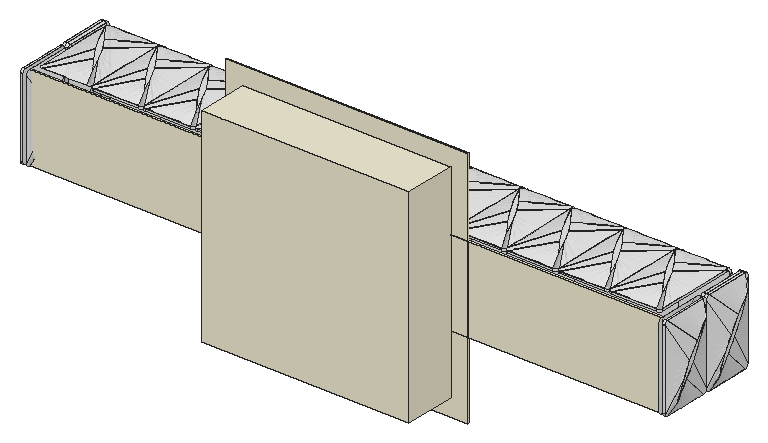
Revit family "3-572-15 Elan", category Luminarias, Revit 2021
Family settings
  Anfitrión = Muro
  Cota de conector redondo = Diámetro de uso
  Tipo de pieza = Normal
  Número OmniClass = 23.80.70.00
  Título OmniClass = Lighting
  Siempre vertical = Sí
  Corte con vacíos al cargar = No
  Origen de luz = Sí
  Compartido = No
  Punto de cálculo de habitación = No
Parameters (values of type "3-xx-24 / Satin Nickel - Matte White Acrylic")
  Elevación por defecto = 0.00"
  Comentarios de vataje = "1 x 7.24 W at 120 V"  # constant formula
  Wattage = 7.24 W
  built-in parameter 1150110 = 1 (stored number, unit not read)
  Voltage Input = "120 V or 277 V - 50/60 Hz"  # constant formula
  Voltage = 120 V
  URL = "www.oxygenlighting.com"
  built-in parameter 1114217 = 1 (stored number, unit not read)
  Tilt Angle = 0.00°  # constant formula
  built-in parameter 1150109 = 1 (stored number, unit not read)
  built-in parameter 1150134 = (empty or 0)
  built-in parameter 1150113 = 1 (stored number, unit not read)
  References = "Ref. 3 = 120 V / Ref. 37 = 277 V"  # constant formula
  Archivo de red fotométrica = "3-572-15 Elan.ies"
  Modelo = "3-xx-xx / Elan"  # constant formula
  Metal Finish = 24 - Satin Nickel
  Fabricante = "Oxygen Lighting and Fans"  # constant formula
  Lumens = 551.688 lm
  built-in parameter 1150115 = 1 (stored number, unit not read)
  built-in parameter 1150105 = 43.902 (stored number, unit not read)
  built-in parameter 1150137 = (empty or 0)
  built-in parameter 1150139 = (empty or 0)
  built-in parameter 1150112 = 1 (stored number, unit not read)
  built-in parameter 1150114 = 1 (stored number, unit not read)
  Lámpara = "LED Array"  # constant formula
  built-in parameter 1150132 = (empty or 0)
  built-in parameter 1150102 = (empty or 0)
  built-in parameter 1150138 = (empty or 0)
  built-in parameter 1150107 = 3000 (stored number, unit not read)
  built-in parameter 1150106 = 0.43902 (stored number, unit not read)
  built-in parameter 1150104 = 7.0792 (stored number, unit not read)
  Dimming Lamp Color Temperature Shift = (empty or 0)
  Diffusers = Matte White Acrylic
  Color Filter = 16777215
  built-in parameter 1114218 = 1 (stored number, unit not read)
  built-in parameter 1150133 = 10 (stored number, unit not read)
Reference planes (in)
  plane 1: y = 0
  plane 2 "Light Source Axis (L/R)": x = 4.92126
  plane 3 "Light Source Axis (F/R)": y = 4.79776
  plane 4 "Light Source Elevation": z = 39
  plane 5: y = 2.95276
  plane 6: z = 41.75
Text (in)
  text "Placement side" at (-70.3598, 43.96769, 0), in view "Ref. Level"
  text "Placement side" at (0, 83.08644, 117.56134), in view "Left"
  text "Placement side" at (0, 24.74324, 118.58137), in view "Right"
Dimensions and locks (in)
  locked: plane 3 "Light Source Axis (F/R)" to plane 5 at 1.845
  locked: plane 6 to plane 4 "Light Source Elevation" at 2.75
  aligned and locked: plane 1 to host wall
  aligned and locked: plane 5 to host wall
  aligned and locked: plane 5 to nested 1
  aligned and locked: plane 3 "Light Source Axis (F/R)" to imposter light
  aligned and locked: nested 1 to plane 4 "Light Source Elevation"
  aligned and locked: plane 6 to imposter light
Nested families (in)
  nested 1: "Family2" at (4.92126, 2.95276, 41.75591) x (-1, 0, 0) z (0, 0, 1), type "Family2"
Definition of nested family "Family2"
  Parameters (values of type "Family2")
    Metal Finish 2 = none
    Metal Finish 1 = none
    Height = 10.00"
    Default Elevation = 0.00"
    Diffuser = none
  Reference planes (in)
    plane 1 "Center (Front/Back)": y = 0
    plane 2: z = 0
    plane 3 "Center (Left/Right)": x = 0
  Forms (in)
    Extrusion 1, solid, material <- "Metal Finish 1"
      sketch origin (0, 0, 0) x (1, 0, 0) y (0, 0, 1)
        loop
          line (-2.75591, 2.75591) -> (-2.75591, -2.75591) -> (2.75591, -2.75591) -> (2.75591, 2.75591) -> (-2.75591, 2.75591)
      from 1.22 to 1.18
    Extrusion 2, solid, material <- "Metal Finish 1"
      sketch origin (0, 0, 0) x (1, 0, 0) y (0, 0, 1)
        loop
          line (-2.3622, 2.3622) -> (-2.3622, -2.3622) -> (2.3622, -2.3622) -> (2.3622, 2.3622) -> (-2.3622, 2.3622)
      from 0 to 1.18
    Blend 3, solid, material <- "Diffuser"
      base sketch origin (0, 0, 0) x (1, 0, 0) y (0, 0, 1)
        loop
          arc (-5.90551, 0.90551) -> (-5.92857, 0.96119) -> (-5.98425, 0.98425) r 0.07874
          line (-5.98425, 0.98425) -> (-7.00787, 0.98425)
          arc (-7.00787, 0.98425) -> (-7.06355, 0.96119) -> (-7.08661, 0.90551) r 0.07874
          line (-7.08661, 0.90551) -> (-7.08661, -0.90551)
          arc (-7.08661, -0.90551) -> (-7.06355, -0.96119) -> (-7.00787, -0.98425) r 0.07874
          line (-7.00787, -0.98425) -> (-5.98425, -0.98425)
          arc (-5.98425, -0.98425) -> (-5.92857, -0.96119) -> (-5.90551, -0.90551) r 0.07874
          line (-5.90551, -0.90551) -> (-5.90551, 0.90551)
      top sketch origin (0, 0, 0) x (1, 0, 0) y (0, 0, 1)
        loop
          line (-6.89899, 0.68245) -> (-6.71635, 0.29079) -> (-6.53621, -0.05852) -> (-6.35588, -0.33357) -> (-6.0667, -0.72725) -> (-6.27171, -0.28388) -> (-6.43166, 0.00863) -> (-6.64427, 0.33334) -> (-6.89899, 0.68245)
      from 3.31463 to 3.45242
    Extrusion 4, solid, material <- "Diffuser"
      sketch origin (0, 0, 0) x (1, 0, 0) y (0, 0, 1)
        loop
          arc (-5.90551, 0.90551) -> (-5.92857, 0.96119) -> (-5.98425, 0.98425) r 0.07874
          line (-5.98425, 0.98425) -> (-7.00787, 0.98425)
          arc (-7.00787, 0.98425) -> (-7.06355, 0.96119) -> (-7.08661, 0.90551) r 0.07874
          line (-7.08661, 0.90551) -> (-7.08661, -0.90551)
          arc (-7.08661, -0.90551) -> (-7.06355, -0.96119) -> (-7.00787, -0.98425) r 0.07874
          line (-7.00787, -0.98425) -> (-5.98425, -0.98425)
          arc (-5.98425, -0.98425) -> (-5.92857, -0.96119) -> (-5.90551, -0.90551) r 0.07874
          line (-5.90551, -0.90551) -> (-5.90551, 0.90551)
      from 3.25557 to 3.31463
    Blend 5, solid, material <- "Diffuser"
      base sketch origin (1.1811, 0, 0) x (1, 0, 0) y (0, 0, 1)
        loop
          arc (-5.90551, 0.90551) -> (-5.92857, 0.96119) -> (-5.98425, 0.98425) r 0.07874
          line (-5.98425, 0.98425) -> (-7.00787, 0.98425)
          arc (-7.00787, 0.98425) -> (-7.06355, 0.96119) -> (-7.08661, 0.90551) r 0.07874
          line (-7.08661, 0.90551) -> (-7.08661, -0.90551)
          arc (-7.08661, -0.90551) -> (-7.06355, -0.96119) -> (-7.00787, -0.98425) r 0.07874
          line (-7.00787, -0.98425) -> (-5.98425, -0.98425)
          arc (-5.98425, -0.98425) -> (-5.92857, -0.96119) -> (-5.90551, -0.90551) r 0.07874
          line (-5.90551, -0.90551) -> (-5.90551, 0.90551)
      top sketch origin (1.1811, 0, 0) x (1, 0, 0) y (0, 0, 1)
        loop
          line (-6.89899, 0.68245) -> (-6.71635, 0.29079) -> (-6.53621, -0.05852) -> (-6.35588, -0.33357) -> (-6.0667, -0.72725) -> (-6.27171, -0.28388) -> (-6.43166, 0.00863) -> (-6.64427, 0.33334) -> (-6.89899, 0.68245)
      from 3.31463 to 3.45242
    Extrusion 6, solid, material <- "Diffuser"
      sketch origin (1.1811, 0, 0) x (1, 0, 0) y (0, 0, 1)
        loop
          arc (-5.90551, 0.90551) -> (-5.92857, 0.96119) -> (-5.98425, 0.98425) r 0.07874
          line (-5.98425, 0.98425) -> (-7.00787, 0.98425)
          arc (-7.00787, 0.98425) -> (-7.06355, 0.96119) -> (-7.08661, 0.90551) r 0.07874
          line (-7.08661, 0.90551) -> (-7.08661, -0.90551)
          arc (-7.08661, -0.90551) -> (-7.06355, -0.96119) -> (-7.00787, -0.98425) r 0.07874
          line (-7.00787, -0.98425) -> (-5.98425, -0.98425)
          arc (-5.98425, -0.98425) -> (-5.92857, -0.96119) -> (-5.90551, -0.90551) r 0.07874
          line (-5.90551, -0.90551) -> (-5.90551, 0.90551)
      from 3.25557 to 3.31463
    Blend 7, solid, material <- "Diffuser"
      base sketch origin (2.3622, 0, 0) x (1, 0, 0) y (0, 0, 1)
        loop
          arc (-5.90551, 0.90551) -> (-5.92857, 0.96119) -> (-5.98425, 0.98425) r 0.07874
          line (-5.98425, 0.98425) -> (-7.00787, 0.98425)
          arc (-7.00787, 0.98425) -> (-7.06355, 0.96119) -> (-7.08661, 0.90551) r 0.07874
          line (-7.08661, 0.90551) -> (-7.08661, -0.90551)
          arc (-7.08661, -0.90551) -> (-7.06355, -0.96119) -> (-7.00787, -0.98425) r 0.07874
          line (-7.00787, -0.98425) -> (-5.98425, -0.98425)
          arc (-5.98425, -0.98425) -> (-5.92857, -0.96119) -> (-5.90551, -0.90551) r 0.07874
          line (-5.90551, -0.90551) -> (-5.90551, 0.90551)
      top sketch origin (2.3622, 0, 0) x (1, 0, 0) y (0, 0, 1)
        loop
          line (-6.89899, 0.68245) -> (-6.71635, 0.29079) -> (-6.53621, -0.05852) -> (-6.35588, -0.33357) -> (-6.0667, -0.72725) -> (-6.27171, -0.28388) -> (-6.43166, 0.00863) -> (-6.64427, 0.33334) -> (-6.89899, 0.68245)
      from 3.31463 to 3.45242
    Extrusion 8, solid, material <- "Diffuser"
      sketch origin (2.3622, 0, 0) x (1, 0, 0) y (0, 0, 1)
        loop
          arc (-5.90551, 0.90551) -> (-5.92857, 0.96119) -> (-5.98425, 0.98425) r 0.07874
          line (-5.98425, 0.98425) -> (-7.00787, 0.98425)
          arc (-7.00787, 0.98425) -> (-7.06355, 0.96119) -> (-7.08661, 0.90551) r 0.07874
          line (-7.08661, 0.90551) -> (-7.08661, -0.90551)
          arc (-7.08661, -0.90551) -> (-7.06355, -0.96119) -> (-7.00787, -0.98425) r 0.07874
          line (-7.00787, -0.98425) -> (-5.98425, -0.98425)
          arc (-5.98425, -0.98425) -> (-5.92857, -0.96119) -> (-5.90551, -0.90551) r 0.07874
          line (-5.90551, -0.90551) -> (-5.90551, 0.90551)
      from 3.25557 to 3.31463
    Blend 9, solid, material <- "Diffuser"
      base sketch origin (3.54331, 0, 0) x (1, 0, 0) y (0, 0, 1)
        loop
          arc (-5.90551, 0.90551) -> (-5.92857, 0.96119) -> (-5.98425, 0.98425) r 0.07874
          line (-5.98425, 0.98425) -> (-7.00787, 0.98425)
          arc (-7.00787, 0.98425) -> (-7.06355, 0.96119) -> (-7.08661, 0.90551) r 0.07874
          line (-7.08661, 0.90551) -> (-7.08661, -0.90551)
          arc (-7.08661, -0.90551) -> (-7.06355, -0.96119) -> (-7.00787, -0.98425) r 0.07874
          line (-7.00787, -0.98425) -> (-5.98425, -0.98425)
          arc (-5.98425, -0.98425) -> (-5.92857, -0.96119) -> (-5.90551, -0.90551) r 0.07874
          line (-5.90551, -0.90551) -> (-5.90551, 0.90551)
      top sketch origin (3.54331, 0, 0) x (1, 0, 0) y (0, 0, 1)
        loop
          line (-6.89899, 0.68245) -> (-6.71635, 0.29079) -> (-6.53621, -0.05852) -> (-6.35588, -0.33357) -> (-6.0667, -0.72725) -> (-6.27171, -0.28388) -> (-6.43166, 0.00863) -> (-6.64427, 0.33334) -> (-6.89899, 0.68245)
      from 3.31463 to 3.45242
    Extrusion 10, solid, material <- "Diffuser"
      sketch origin (3.54331, 0, 0) x (1, 0, 0) y (0, 0, 1)
        loop
          arc (-5.90551, 0.90551) -> (-5.92857, 0.96119) -> (-5.98425, 0.98425) r 0.07874
          line (-5.98425, 0.98425) -> (-7.00787, 0.98425)
          arc (-7.00787, 0.98425) -> (-7.06355, 0.96119) -> (-7.08661, 0.90551) r 0.07874
          line (-7.08661, 0.90551) -> (-7.08661, -0.90551)
          arc (-7.08661, -0.90551) -> (-7.06355, -0.96119) -> (-7.00787, -0.98425) r 0.07874
          line (-7.00787, -0.98425) -> (-5.98425, -0.98425)
          arc (-5.98425, -0.98425) -> (-5.92857, -0.96119) -> (-5.90551, -0.90551) r 0.07874
          line (-5.90551, -0.90551) -> (-5.90551, 0.90551)
      from 3.25557 to 3.31463
    Blend 11, solid, material <- "Diffuser"
      base sketch origin (4.72441, 0, 0) x (1, 0, 0) y (0, 0, 1)
        loop
          arc (-5.90551, 0.90551) -> (-5.92857, 0.96119) -> (-5.98425, 0.98425) r 0.07874
          line (-5.98425, 0.98425) -> (-7.00787, 0.98425)
          arc (-7.00787, 0.98425) -> (-7.06355, 0.96119) -> (-7.08661, 0.90551) r 0.07874
          line (-7.08661, 0.90551) -> (-7.08661, -0.90551)
          arc (-7.08661, -0.90551) -> (-7.06355, -0.96119) -> (-7.00787, -0.98425) r 0.07874
          line (-7.00787, -0.98425) -> (-5.98425, -0.98425)
          arc (-5.98425, -0.98425) -> (-5.92857, -0.96119) -> (-5.90551, -0.90551) r 0.07874
          line (-5.90551, -0.90551) -> (-5.90551, 0.90551)
      top sketch origin (4.72441, 0, 0) x (1, 0, 0) y (0, 0, 1)
        loop
          line (-6.89899, 0.68245) -> (-6.71635, 0.29079) -> (-6.53621, -0.05852) -> (-6.35588, -0.33357) -> (-6.0667, -0.72725) -> (-6.27171, -0.28388) -> (-6.43166, 0.00863) -> (-6.64427, 0.33334) -> (-6.89899, 0.68245)
      from 3.31463 to 3.45242
    Extrusion 12, solid, material <- "Diffuser"
      sketch origin (4.72441, 0, 0) x (1, 0, 0) y (0, 0, 1)
        loop
          arc (-5.90551, 0.90551) -> (-5.92857, 0.96119) -> (-5.98425, 0.98425) r 0.07874
          line (-5.98425, 0.98425) -> (-7.00787, 0.98425)
          arc (-7.00787, 0.98425) -> (-7.06355, 0.96119) -> (-7.08661, 0.90551) r 0.07874
          line (-7.08661, 0.90551) -> (-7.08661, -0.90551)
          arc (-7.08661, -0.90551) -> (-7.06355, -0.96119) -> (-7.00787, -0.98425) r 0.07874
          line (-7.00787, -0.98425) -> (-5.98425, -0.98425)
          arc (-5.98425, -0.98425) -> (-5.92857, -0.96119) -> (-5.90551, -0.90551) r 0.07874
          line (-5.90551, -0.90551) -> (-5.90551, 0.90551)
      from 3.25557 to 3.31463
    Blend 13, solid, material <- "Diffuser"
      base sketch origin (5.90551, 0, 0) x (1, 0, 0) y (0, 0, 1)
        loop
          arc (-5.90551, 0.90551) -> (-5.92857, 0.96119) -> (-5.98425, 0.98425) r 0.07874
          line (-5.98425, 0.98425) -> (-7.00787, 0.98425)
          arc (-7.00787, 0.98425) -> (-7.06355, 0.96119) -> (-7.08661, 0.90551) r 0.07874
          line (-7.08661, 0.90551) -> (-7.08661, -0.90551)
          arc (-7.08661, -0.90551) -> (-7.06355, -0.96119) -> (-7.00787, -0.98425) r 0.07874
          line (-7.00787, -0.98425) -> (-5.98425, -0.98425)
          arc (-5.98425, -0.98425) -> (-5.92857, -0.96119) -> (-5.90551, -0.90551) r 0.07874
          line (-5.90551, -0.90551) -> (-5.90551, 0.90551)
      top sketch origin (5.90551, 0, 0) x (1, 0, 0) y (0, 0, 1)
        loop
          line (-6.89899, 0.68245) -> (-6.71635, 0.29079) -> (-6.53621, -0.05852) -> (-6.35588, -0.33357) -> (-6.0667, -0.72725) -> (-6.27171, -0.28388) -> (-6.43166, 0.00863) -> (-6.64427, 0.33334) -> (-6.89899, 0.68245)
      from 3.31463 to 3.45242
    Extrusion 14, solid, material <- "Diffuser"
      sketch origin (5.90551, 0, 0) x (1, 0, 0) y (0, 0, 1)
        loop
          arc (-5.90551, 0.90551) -> (-5.92857, 0.96119) -> (-5.98425, 0.98425) r 0.07874
          line (-5.98425, 0.98425) -> (-7.00787, 0.98425)
          arc (-7.00787, 0.98425) -> (-7.06355, 0.96119) -> (-7.08661, 0.90551) r 0.07874
          line (-7.08661, 0.90551) -> (-7.08661, -0.90551)
          arc (-7.08661, -0.90551) -> (-7.06355, -0.96119) -> (-7.00787, -0.98425) r 0.07874
          line (-7.00787, -0.98425) -> (-5.98425, -0.98425)
          arc (-5.98425, -0.98425) -> (-5.92857, -0.96119) -> (-5.90551, -0.90551) r 0.07874
          line (-5.90551, -0.90551) -> (-5.90551, 0.90551)
      from 3.25557 to 3.31463
    Blend 15, solid, material <- "Diffuser"
      base sketch origin (7.08661, 0, 0) x (1, 0, 0) y (0, 0, 1)
        loop
          arc (-5.90551, 0.90551) -> (-5.92857, 0.96119) -> (-5.98425, 0.98425) r 0.07874
          line (-5.98425, 0.98425) -> (-7.00787, 0.98425)
          arc (-7.00787, 0.98425) -> (-7.06355, 0.96119) -> (-7.08661, 0.90551) r 0.07874
          line (-7.08661, 0.90551) -> (-7.08661, -0.90551)
          arc (-7.08661, -0.90551) -> (-7.06355, -0.96119) -> (-7.00787, -0.98425) r 0.07874
          line (-7.00787, -0.98425) -> (-5.98425, -0.98425)
          arc (-5.98425, -0.98425) -> (-5.92857, -0.96119) -> (-5.90551, -0.90551) r 0.07874
          line (-5.90551, -0.90551) -> (-5.90551, 0.90551)
      top sketch origin (7.08661, 0, 0) x (1, 0, 0) y (0, 0, 1)
        loop
          line (-6.89899, 0.68245) -> (-6.71635, 0.29079) -> (-6.53621, -0.05852) -> (-6.35588, -0.33357) -> (-6.0667, -0.72725) -> (-6.27171, -0.28388) -> (-6.43166, 0.00863) -> (-6.64427, 0.33334) -> (-6.89899, 0.68245)
      from 3.31463 to 3.45242
    Extrusion 16, solid, material <- "Diffuser"
      sketch origin (7.08661, 0, 0) x (1, 0, 0) y (0, 0, 1)
        loop
          arc (-5.90551, 0.90551) -> (-5.92857, 0.96119) -> (-5.98425, 0.98425) r 0.07874
          line (-5.98425, 0.98425) -> (-7.00787, 0.98425)
          arc (-7.00787, 0.98425) -> (-7.06355, 0.96119) -> (-7.08661, 0.90551) r 0.07874
          line (-7.08661, 0.90551) -> (-7.08661, -0.90551)
          arc (-7.08661, -0.90551) -> (-7.06355, -0.96119) -> (-7.00787, -0.98425) r 0.07874
          line (-7.00787, -0.98425) -> (-5.98425, -0.98425)
          arc (-5.98425, -0.98425) -> (-5.92857, -0.96119) -> (-5.90551, -0.90551) r 0.07874
          line (-5.90551, -0.90551) -> (-5.90551, 0.90551)
      from 3.25557 to 3.31463
    Blend 17, solid, material <- "Diffuser"
      base sketch origin (8.26772, 0, 0) x (1, 0, 0) y (0, 0, 1)
        loop
          arc (-5.90551, 0.90551) -> (-5.92857, 0.96119) -> (-5.98425, 0.98425) r 0.07874
          line (-5.98425, 0.98425) -> (-7.00787, 0.98425)
          arc (-7.00787, 0.98425) -> (-7.06355, 0.96119) -> (-7.08661, 0.90551) r 0.07874
          line (-7.08661, 0.90551) -> (-7.08661, -0.90551)
          arc (-7.08661, -0.90551) -> (-7.06355, -0.96119) -> (-7.00787, -0.98425) r 0.07874
          line (-7.00787, -0.98425) -> (-5.98425, -0.98425)
          arc (-5.98425, -0.98425) -> (-5.92857, -0.96119) -> (-5.90551, -0.90551) r 0.07874
          line (-5.90551, -0.90551) -> (-5.90551, 0.90551)
      top sketch origin (8.26772, 0, 0) x (1, 0, 0) y (0, 0, 1)
        loop
          line (-6.89899, 0.68245) -> (-6.71635, 0.29079) -> (-6.53621, -0.05852) -> (-6.35588, -0.33357) -> (-6.0667, -0.72725) -> (-6.27171, -0.28388) -> (-6.43166, 0.00863) -> (-6.64427, 0.33334) -> (-6.89899, 0.68245)
      from 3.31463 to 3.45242
    Extrusion 18, solid, material <- "Diffuser"
      sketch origin (8.26772, 0, 0) x (1, 0, 0) y (0, 0, 1)
        loop
          arc (-5.90551, 0.90551) -> (-5.92857, 0.96119) -> (-5.98425, 0.98425) r 0.07874
          line (-5.98425, 0.98425) -> (-7.00787, 0.98425)
          arc (-7.00787, 0.98425) -> (-7.06355, 0.96119) -> (-7.08661, 0.90551) r 0.07874
          line (-7.08661, 0.90551) -> (-7.08661, -0.90551)
          arc (-7.08661, -0.90551) -> (-7.06355, -0.96119) -> (-7.00787, -0.98425) r 0.07874
          line (-7.00787, -0.98425) -> (-5.98425, -0.98425)
          arc (-5.98425, -0.98425) -> (-5.92857, -0.96119) -> (-5.90551, -0.90551) r 0.07874
          line (-5.90551, -0.90551) -> (-5.90551, 0.90551)
      from 3.25557 to 3.31463
    Blend 19, solid, material <- "Diffuser"
      base sketch origin (9.44882, 0, 0) x (1, 0, 0) y (0, 0, 1)
        loop
          arc (-5.90551, 0.90551) -> (-5.92857, 0.96119) -> (-5.98425, 0.98425) r 0.07874
          line (-5.98425, 0.98425) -> (-7.00787, 0.98425)
          arc (-7.00787, 0.98425) -> (-7.06355, 0.96119) -> (-7.08661, 0.90551) r 0.07874
          line (-7.08661, 0.90551) -> (-7.08661, -0.90551)
          arc (-7.08661, -0.90551) -> (-7.06355, -0.96119) -> (-7.00787, -0.98425) r 0.07874
          line (-7.00787, -0.98425) -> (-5.98425, -0.98425)
          arc (-5.98425, -0.98425) -> (-5.92857, -0.96119) -> (-5.90551, -0.90551) r 0.07874
          line (-5.90551, -0.90551) -> (-5.90551, 0.90551)
      top sketch origin (9.44882, 0, 0) x (1, 0, 0) y (0, 0, 1)
        loop
          line (-6.89899, 0.68245) -> (-6.71635, 0.29079) -> (-6.53621, -0.05852) -> (-6.35588, -0.33357) -> (-6.0667, -0.72725) -> (-6.27171, -0.28388) -> (-6.43166, 0.00863) -> (-6.64427, 0.33334) -> (-6.89899, 0.68245)
      from 3.31463 to 3.45242
    Extrusion 20, solid, material <- "Diffuser"
      sketch origin (9.44882, 0, 0) x (1, 0, 0) y (0, 0, 1)
        loop
          arc (-5.90551, 0.90551) -> (-5.92857, 0.96119) -> (-5.98425, 0.98425) r 0.07874
          line (-5.98425, 0.98425) -> (-7.00787, 0.98425)
          arc (-7.00787, 0.98425) -> (-7.06355, 0.96119) -> (-7.08661, 0.90551) r 0.07874
          line (-7.08661, 0.90551) -> (-7.08661, -0.90551)
          arc (-7.08661, -0.90551) -> (-7.06355, -0.96119) -> (-7.00787, -0.98425) r 0.07874
          line (-7.00787, -0.98425) -> (-5.98425, -0.98425)
          arc (-5.98425, -0.98425) -> (-5.92857, -0.96119) -> (-5.90551, -0.90551) r 0.07874
          line (-5.90551, -0.90551) -> (-5.90551, 0.90551)
      from 3.25557 to 3.31463
    Blend 21, solid, material <- "Diffuser"
      base sketch origin (10.62992, 0, 0) x (1, 0, 0) y (0, 0, 1)
        loop
          arc (-5.90551, 0.90551) -> (-5.92857, 0.96119) -> (-5.98425, 0.98425) r 0.07874
          line (-5.98425, 0.98425) -> (-7.00787, 0.98425)
          arc (-7.00787, 0.98425) -> (-7.06355, 0.96119) -> (-7.08661, 0.90551) r 0.07874
          line (-7.08661, 0.90551) -> (-7.08661, -0.90551)
          arc (-7.08661, -0.90551) -> (-7.06355, -0.96119) -> (-7.00787, -0.98425) r 0.07874
          line (-7.00787, -0.98425) -> (-5.98425, -0.98425)
          arc (-5.98425, -0.98425) -> (-5.92857, -0.96119) -> (-5.90551, -0.90551) r 0.07874
          line (-5.90551, -0.90551) -> (-5.90551, 0.90551)
      top sketch origin (10.62992, 0, 0) x (1, 0, 0) y (0, 0, 1)
        loop
          line (-6.89899, 0.68245) -> (-6.71635, 0.29079) -> (-6.53621, -0.05852) -> (-6.35588, -0.33357) -> (-6.0667, -0.72725) -> (-6.27171, -0.28388) -> (-6.43166, 0.00863) -> (-6.64427, 0.33334) -> (-6.89899, 0.68245)
      from 3.31463 to 3.45242
    Extrusion 22, solid, material <- "Diffuser"
      sketch origin (10.62992, 0, 0) x (1, 0, 0) y (0, 0, 1)
        loop
          arc (-5.90551, 0.90551) -> (-5.92857, 0.96119) -> (-5.98425, 0.98425) r 0.07874
          line (-5.98425, 0.98425) -> (-7.00787, 0.98425)
          arc (-7.00787, 0.98425) -> (-7.06355, 0.96119) -> (-7.08661, 0.90551) r 0.07874
          line (-7.08661, 0.90551) -> (-7.08661, -0.90551)
          arc (-7.08661, -0.90551) -> (-7.06355, -0.96119) -> (-7.00787, -0.98425) r 0.07874
          line (-7.00787, -0.98425) -> (-5.98425, -0.98425)
          arc (-5.98425, -0.98425) -> (-5.92857, -0.96119) -> (-5.90551, -0.90551) r 0.07874
          line (-5.90551, -0.90551) -> (-5.90551, 0.90551)
      from 3.25557 to 3.31463
    Blend 23, solid, material <- "Diffuser"
      base sketch origin (11.81102, 0, 0) x (1, 0, 0) y (0, 0, 1)
        loop
          arc (-5.90551, 0.90551) -> (-5.92857, 0.96119) -> (-5.98425, 0.98425) r 0.07874
          line (-5.98425, 0.98425) -> (-7.00787, 0.98425)
          arc (-7.00787, 0.98425) -> (-7.06355, 0.96119) -> (-7.08661, 0.90551) r 0.07874
          line (-7.08661, 0.90551) -> (-7.08661, -0.90551)
          arc (-7.08661, -0.90551) -> (-7.06355, -0.96119) -> (-7.00787, -0.98425) r 0.07874
          line (-7.00787, -0.98425) -> (-5.98425, -0.98425)
          arc (-5.98425, -0.98425) -> (-5.92857, -0.96119) -> (-5.90551, -0.90551) r 0.07874
          line (-5.90551, -0.90551) -> (-5.90551, 0.90551)
      top sketch origin (11.81102, 0, 0) x (1, 0, 0) y (0, 0, 1)
        loop
          line (-6.89899, 0.68245) -> (-6.71635, 0.29079) -> (-6.53621, -0.05852) -> (-6.35588, -0.33357) -> (-6.0667, -0.72725) -> (-6.27171, -0.28388) -> (-6.43166, 0.00863) -> (-6.64427, 0.33334) -> (-6.89899, 0.68245)
      from 3.31463 to 3.45242
    Extrusion 24, solid, material <- "Diffuser"
      sketch origin (11.81102, 0, 0) x (1, 0, 0) y (0, 0, 1)
        loop
          arc (-5.90551, 0.90551) -> (-5.92857, 0.96119) -> (-5.98425, 0.98425) r 0.07874
          line (-5.98425, 0.98425) -> (-7.00787, 0.98425)
          arc (-7.00787, 0.98425) -> (-7.06355, 0.96119) -> (-7.08661, 0.90551) r 0.07874
          line (-7.08661, 0.90551) -> (-7.08661, -0.90551)
          arc (-7.08661, -0.90551) -> (-7.06355, -0.96119) -> (-7.00787, -0.98425) r 0.07874
          line (-7.00787, -0.98425) -> (-5.98425, -0.98425)
          arc (-5.98425, -0.98425) -> (-5.92857, -0.96119) -> (-5.90551, -0.90551) r 0.07874
          line (-5.90551, -0.90551) -> (-5.90551, 0.90551)
      from 3.25557 to 3.31463
    Blend 25, solid, material <- "Diffuser"
      base sketch origin (12.99213, 0, 0) x (1, 0, 0) y (0, 0, 1)
        loop
          arc (-5.90551, 0.90551) -> (-5.92857, 0.96119) -> (-5.98425, 0.98425) r 0.07874
          line (-5.98425, 0.98425) -> (-7.00787, 0.98425)
          arc (-7.00787, 0.98425) -> (-7.06355, 0.96119) -> (-7.08661, 0.90551) r 0.07874
          line (-7.08661, 0.90551) -> (-7.08661, -0.90551)
          arc (-7.08661, -0.90551) -> (-7.06355, -0.96119) -> (-7.00787, -0.98425) r 0.07874
          line (-7.00787, -0.98425) -> (-5.98425, -0.98425)
          arc (-5.98425, -0.98425) -> (-5.92857, -0.96119) -> (-5.90551, -0.90551) r 0.07874
          line (-5.90551, -0.90551) -> (-5.90551, 0.90551)
      top sketch origin (12.99213, 0, 0) x (1, 0, 0) y (0, 0, 1)
        loop
          line (-6.89899, 0.68245) -> (-6.71635, 0.29079) -> (-6.53621, -0.05852) -> (-6.35588, -0.33357) -> (-6.0667, -0.72725) -> (-6.27171, -0.28388) -> (-6.43166, 0.00863) -> (-6.64427, 0.33334) -> (-6.89899, 0.68245)
      from 3.31463 to 3.45242
    Blend 26, solid, material <- "Diffuser"
      base sketch origin (4.03853, 3.65083, 0) x (0, 1, 0) y (0, 0, 1)
        loop
          arc (-5.90551, 0.90551) -> (-5.92857, 0.96119) -> (-5.98425, 0.98425) r 0.07874
          line (-5.98425, 0.98425) -> (-7.00787, 0.98425)
          arc (-7.00787, 0.98425) -> (-7.06355, 0.96119) -> (-7.08661, 0.90551) r 0.07874
          line (-7.08661, 0.90551) -> (-7.08661, -0.90551)
          arc (-7.08661, -0.90551) -> (-7.06355, -0.96119) -> (-7.00787, -0.98425) r 0.07874
          line (-7.00787, -0.98425) -> (-5.98425, -0.98425)
          arc (-5.98425, -0.98425) -> (-5.92857, -0.96119) -> (-5.90551, -0.90551) r 0.07874
          line (-5.90551, -0.90551) -> (-5.90551, 0.90551)
      top sketch origin (4.03853, 3.65083, 0) x (0, 1, 0) y (0, 0, 1)
        loop
          line (-6.89899, 0.68245) -> (-6.71635, 0.29079) -> (-6.53621, -0.05852) -> (-6.35588, -0.33357) -> (-6.0667, -0.72725) -> (-6.27171, -0.28388) -> (-6.43166, 0.00863) -> (-6.64427, 0.33334) -> (-6.89899, 0.68245)
      from 3.31463 to 3.45242
    Blend 27, solid, material <- "Diffuser"
      base sketch origin (4.03853, 4.83194, 0) x (0, 1, 0) y (0, 0, 1)
        loop
          arc (-5.90551, 0.90551) -> (-5.92857, 0.96119) -> (-5.98425, 0.98425) r 0.07874
          line (-5.98425, 0.98425) -> (-7.00787, 0.98425)
          arc (-7.00787, 0.98425) -> (-7.06355, 0.96119) -> (-7.08661, 0.90551) r 0.07874
          line (-7.08661, 0.90551) -> (-7.08661, -0.90551)
          arc (-7.08661, -0.90551) -> (-7.06355, -0.96119) -> (-7.00787, -0.98425) r 0.07874
          line (-7.00787, -0.98425) -> (-5.98425, -0.98425)
          arc (-5.98425, -0.98425) -> (-5.92857, -0.96119) -> (-5.90551, -0.90551) r 0.07874
          line (-5.90551, -0.90551) -> (-5.90551, 0.90551)
      top sketch origin (4.03853, 4.83194, 0) x (0, 1, 0) y (0, 0, 1)
        loop
          line (-6.89899, 0.68245) -> (-6.71635, 0.29079) -> (-6.53621, -0.05852) -> (-6.35588, -0.33357) -> (-6.0667, -0.72725) -> (-6.27171, -0.28388) -> (-6.43166, 0.00863) -> (-6.64427, 0.33334) -> (-6.89899, 0.68245)
      from 3.31463 to 3.45242
    Extrusion 28, solid, material <- "Diffuser"
      sketch origin (4.03853, 3.65083, 0) x (0, 1, 0) y (0, 0, 1)
        loop
          arc (-5.90551, 0.90551) -> (-5.92857, 0.96119) -> (-5.98425, 0.98425) r 0.07874
          line (-5.98425, 0.98425) -> (-7.00787, 0.98425)
          arc (-7.00787, 0.98425) -> (-7.06355, 0.96119) -> (-7.08661, 0.90551) r 0.07874
          line (-7.08661, 0.90551) -> (-7.08661, -0.90551)
          arc (-7.08661, -0.90551) -> (-7.06355, -0.96119) -> (-7.00787, -0.98425) r 0.07874
          line (-7.00787, -0.98425) -> (-5.98425, -0.98425)
          arc (-5.98425, -0.98425) -> (-5.92857, -0.96119) -> (-5.90551, -0.90551) r 0.07874
          line (-5.90551, -0.90551) -> (-5.90551, 0.90551)
      from 3.25557 to 3.31463
    Extrusion 29, solid, material <- "Diffuser"
      sketch origin (4.03853, 4.83194, 0) x (0, 1, 0) y (0, 0, 1)
        loop
          arc (-5.90551, 0.90551) -> (-5.92857, 0.96119) -> (-5.98425, 0.98425) r 0.07874
          line (-5.98425, 0.98425) -> (-7.00787, 0.98425)
          arc (-7.00787, 0.98425) -> (-7.06355, 0.96119) -> (-7.08661, 0.90551) r 0.07874
          line (-7.08661, 0.90551) -> (-7.08661, -0.90551)
          arc (-7.08661, -0.90551) -> (-7.06355, -0.96119) -> (-7.00787, -0.98425) r 0.07874
          line (-7.00787, -0.98425) -> (-5.98425, -0.98425)
          arc (-5.98425, -0.98425) -> (-5.92857, -0.96119) -> (-5.90551, -0.90551) r 0.07874
          line (-5.90551, -0.90551) -> (-5.90551, 0.90551)
      from 3.25557 to 3.31463
    Blend 30, solid, material <- "Diffuser"
      base sketch origin (10.52734, 3.65083, 0) x (0, 1, 0) y (0, 0, -1)
        loop
          line (-5.90551, -0.90551) -> (-5.90551, 0.90551)
          arc (-5.90551, 0.90551) -> (-5.92857, 0.96119) -> (-5.98425, 0.98425) r 0.07874
          line (-5.98425, 0.98425) -> (-7.00787, 0.98425)
          arc (-7.00787, 0.98425) -> (-7.06355, 0.96119) -> (-7.08661, 0.90551) r 0.07874
          line (-7.08661, 0.90551) -> (-7.08661, -0.90551)
          arc (-7.08661, -0.90551) -> (-7.06355, -0.96119) -> (-7.00787, -0.98425) r 0.07874
          line (-7.00787, -0.98425) -> (-5.98425, -0.98425)
          arc (-5.98425, -0.98425) -> (-5.92857, -0.96119) -> (-5.90551, -0.90551) r 0.07874
      top sketch origin (10.52734, 3.65083, 0) x (0, 1, 0) y (0, 0, -1)
        loop
          line (-6.89899, -0.68245) -> (-6.64427, -0.33334) -> (-6.43166, -0.00863) -> (-6.27171, 0.28388) -> (-6.0667, 0.72725) -> (-6.35588, 0.33357) -> (-6.53621, 0.05852) -> (-6.71635, -0.29079) -> (-6.89899, -0.68245)
      from 3.31463 to 3.45242
    Blend 31, solid, material <- "Diffuser"
      base sketch origin (10.52443, 4.83194, 0) x (0, 1, 0) y (0, 0, -1)
        loop
          line (-5.90551, -0.90551) -> (-5.90551, 0.90551)
          arc (-5.90551, 0.90551) -> (-5.92857, 0.96119) -> (-5.98425, 0.98425) r 0.07874
          line (-5.98425, 0.98425) -> (-7.00787, 0.98425)
          arc (-7.00787, 0.98425) -> (-7.06355, 0.96119) -> (-7.08661, 0.90551) r 0.07874
          line (-7.08661, 0.90551) -> (-7.08661, -0.90551)
          arc (-7.08661, -0.90551) -> (-7.06355, -0.96119) -> (-7.00787, -0.98425) r 0.07874
          line (-7.00787, -0.98425) -> (-5.98425, -0.98425)
          arc (-5.98425, -0.98425) -> (-5.92857, -0.96119) -> (-5.90551, -0.90551) r 0.07874
      top sketch origin (10.52443, 4.83194, 0) x (0, 1, 0) y (0, 0, -1)
        loop
          line (-6.89899, -0.68245) -> (-6.64427, -0.33334) -> (-6.43166, -0.00863) -> (-6.27171, 0.28388) -> (-6.0667, 0.72725) -> (-6.35588, 0.33357) -> (-6.53621, 0.05852) -> (-6.71635, -0.29079) -> (-6.89899, -0.68245)
      from 3.31463 to 3.45242
    Extrusion 32, solid, material <- "Diffuser"
      sketch origin (3.97947, 3.65083, 0) x (0, 1, 0) y (0, 0, 1)
        loop
          arc (-5.90551, 0.90551) -> (-5.92857, 0.96119) -> (-5.98425, 0.98425) r 0.07874
          line (-5.98425, 0.98425) -> (-7.00787, 0.98425)
          arc (-7.00787, 0.98425) -> (-7.06355, 0.96119) -> (-7.08661, 0.90551) r 0.07874
          line (-7.08661, 0.90551) -> (-7.08661, -0.90551)
          arc (-7.08661, -0.90551) -> (-7.06355, -0.96119) -> (-7.00787, -0.98425) r 0.07874
          line (-7.00787, -0.98425) -> (-5.98425, -0.98425)
          arc (-5.98425, -0.98425) -> (-5.92857, -0.96119) -> (-5.90551, -0.90551) r 0.07874
          line (-5.90551, -0.90551) -> (-5.90551, 0.90551)
      from 3.23616 to 3.31463
    Blend 33, solid, material <- "Diffuser"
      base sketch origin (-4.03853, 3.65083, 0) x (0, 1, 0) y (0, 0, -1)
        loop
          line (-5.90551, -0.90551) -> (-5.90551, 0.90551)
          arc (-5.90551, 0.90551) -> (-5.92857, 0.96119) -> (-5.98425, 0.98425) r 0.07874
          line (-5.98425, 0.98425) -> (-7.00787, 0.98425)
          arc (-7.00787, 0.98425) -> (-7.06355, 0.96119) -> (-7.08661, 0.90551) r 0.07874
          line (-7.08661, 0.90551) -> (-7.08661, -0.90551)
          arc (-7.08661, -0.90551) -> (-7.06355, -0.96119) -> (-7.00787, -0.98425) r 0.07874
          line (-7.00787, -0.98425) -> (-5.98425, -0.98425)
          arc (-5.98425, -0.98425) -> (-5.92857, -0.96119) -> (-5.90551, -0.90551) r 0.07874
      top sketch origin (-4.03853, 3.65083, 0) x (0, 1, 0) y (0, 0, -1)
        loop
          line (-6.89899, -0.68245) -> (-6.64427, -0.33334) -> (-6.43166, -0.00863) -> (-6.27171, 0.28388) -> (-6.0667, 0.72725) -> (-6.35588, 0.33357) -> (-6.53621, 0.05852) -> (-6.71635, -0.29079) -> (-6.89899, -0.68245)
      from 3.31463 to 3.45242
    Blend 34, solid, material <- "Diffuser"
      base sketch origin (-4.03853, 4.83194, 0) x (0, 1, 0) y (0, 0, -1)
        loop
          line (-5.90551, -0.90551) -> (-5.90551, 0.90551)
          arc (-5.90551, 0.90551) -> (-5.92857, 0.96119) -> (-5.98425, 0.98425) r 0.07874
          line (-5.98425, 0.98425) -> (-7.00787, 0.98425)
          arc (-7.00787, 0.98425) -> (-7.06355, 0.96119) -> (-7.08661, 0.90551) r 0.07874
          line (-7.08661, 0.90551) -> (-7.08661, -0.90551)
          arc (-7.08661, -0.90551) -> (-7.06355, -0.96119) -> (-7.00787, -0.98425) r 0.07874
          line (-7.00787, -0.98425) -> (-5.98425, -0.98425)
          arc (-5.98425, -0.98425) -> (-5.92857, -0.96119) -> (-5.90551, -0.90551) r 0.07874
      top sketch origin (-4.03853, 4.83194, 0) x (0, 1, 0) y (0, 0, -1)
        loop
          line (-6.89899, -0.68245) -> (-6.64427, -0.33334) -> (-6.43166, -0.00863) -> (-6.27171, 0.28388) -> (-6.0667, 0.72725) -> (-6.35588, 0.33357) -> (-6.53621, 0.05852) -> (-6.71635, -0.29079) -> (-6.89899, -0.68245)
      from 3.31463 to 3.45242
    Extrusion 35, solid, material <- "Diffuser"
      sketch origin (-4.03853, 3.65083, 0) x (0, 1, 0) y (0, 0, -1)
        loop
          line (-5.90551, -0.90551) -> (-5.90551, 0.90551)
          arc (-5.90551, 0.90551) -> (-5.92857, 0.96119) -> (-5.98425, 0.98425) r 0.07874
          line (-5.98425, 0.98425) -> (-7.00787, 0.98425)
          arc (-7.00787, 0.98425) -> (-7.06355, 0.96119) -> (-7.08661, 0.90551) r 0.07874
          line (-7.08661, 0.90551) -> (-7.08661, -0.90551)
          arc (-7.08661, -0.90551) -> (-7.06355, -0.96119) -> (-7.00787, -0.98425) r 0.07874
          line (-7.00787, -0.98425) -> (-5.98425, -0.98425)
          arc (-5.98425, -0.98425) -> (-5.92857, -0.96119) -> (-5.90551, -0.90551) r 0.07874
      from 3.25557 to 3.31463
    Extrusion 36, solid, material <- "Diffuser"
      sketch origin (-4.03853, 4.83194, 0) x (0, 1, 0) y (0, 0, -1)
        loop
          line (-5.90551, -0.90551) -> (-5.90551, 0.90551)
          arc (-5.90551, 0.90551) -> (-5.92857, 0.96119) -> (-5.98425, 0.98425) r 0.07874
          line (-5.98425, 0.98425) -> (-7.00787, 0.98425)
          arc (-7.00787, 0.98425) -> (-7.06355, 0.96119) -> (-7.08661, 0.90551) r 0.07874
          line (-7.08661, 0.90551) -> (-7.08661, -0.90551)
          arc (-7.08661, -0.90551) -> (-7.06355, -0.96119) -> (-7.00787, -0.98425) r 0.07874
          line (-7.00787, -0.98425) -> (-5.98425, -0.98425)
          arc (-5.98425, -0.98425) -> (-5.92857, -0.96119) -> (-5.90551, -0.90551) r 0.07874
      from 3.25557 to 3.31463
    Blend 37, solid, material <- "Diffuser"
      base sketch origin (-10.52734, 3.65083, 0) x (0, 1, 0) y (0, 0, 1)
        loop
          arc (-5.90551, 0.90551) -> (-5.92857, 0.96119) -> (-5.98425, 0.98425) r 0.07874
          line (-5.98425, 0.98425) -> (-7.00787, 0.98425)
          arc (-7.00787, 0.98425) -> (-7.06355, 0.96119) -> (-7.08661, 0.90551) r 0.07874
          line (-7.08661, 0.90551) -> (-7.08661, -0.90551)
          arc (-7.08661, -0.90551) -> (-7.06355, -0.96119) -> (-7.00787, -0.98425) r 0.07874
          line (-7.00787, -0.98425) -> (-5.98425, -0.98425)
          arc (-5.98425, -0.98425) -> (-5.92857, -0.96119) -> (-5.90551, -0.90551) r 0.07874
          line (-5.90551, -0.90551) -> (-5.90551, 0.90551)
      top sketch origin (-10.52734, 3.65083, 0) x (0, 1, 0) y (0, 0, 1)
        loop
          line (-6.89899, 0.68245) -> (-6.71635, 0.29079) -> (-6.53621, -0.05852) -> (-6.35588, -0.33357) -> (-6.0667, -0.72725) -> (-6.27171, -0.28388) -> (-6.43166, 0.00863) -> (-6.64427, 0.33334) -> (-6.89899, 0.68245)
      from 3.31463 to 3.45242
    Blend 38, solid, material <- "Diffuser"
      base sketch origin (-10.52443, 4.83194, 0) x (0, 1, 0) y (0, 0, 1)
        loop
          arc (-5.90551, 0.90551) -> (-5.92857, 0.96119) -> (-5.98425, 0.98425) r 0.07874
          line (-5.98425, 0.98425) -> (-7.00787, 0.98425)
          arc (-7.00787, 0.98425) -> (-7.06355, 0.96119) -> (-7.08661, 0.90551) r 0.07874
          line (-7.08661, 0.90551) -> (-7.08661, -0.90551)
          arc (-7.08661, -0.90551) -> (-7.06355, -0.96119) -> (-7.00787, -0.98425) r 0.07874
          line (-7.00787, -0.98425) -> (-5.98425, -0.98425)
          arc (-5.98425, -0.98425) -> (-5.92857, -0.96119) -> (-5.90551, -0.90551) r 0.07874
          line (-5.90551, -0.90551) -> (-5.90551, 0.90551)
      top sketch origin (-10.52443, 4.83194, 0) x (0, 1, 0) y (0, 0, 1)
        loop
          line (-6.89899, 0.68245) -> (-6.71635, 0.29079) -> (-6.53621, -0.05852) -> (-6.35588, -0.33357) -> (-6.0667, -0.72725) -> (-6.27171, -0.28388) -> (-6.43166, 0.00863) -> (-6.64427, 0.33334) -> (-6.89899, 0.68245)
      from 3.31463 to 3.45242
    Extrusion 39, solid, material <- "Diffuser"
      sketch origin (-3.97947, 3.65083, 0) x (0, 1, 0) y (0, 0, -1)
        loop
          line (-5.90551, -0.90551) -> (-5.90551, 0.90551)
          arc (-5.90551, 0.90551) -> (-5.92857, 0.96119) -> (-5.98425, 0.98425) r 0.07874
          line (-5.98425, 0.98425) -> (-7.00787, 0.98425)
          arc (-7.00787, 0.98425) -> (-7.06355, 0.96119) -> (-7.08661, 0.90551) r 0.07874
          line (-7.08661, 0.90551) -> (-7.08661, -0.90551)
          arc (-7.08661, -0.90551) -> (-7.06355, -0.96119) -> (-7.00787, -0.98425) r 0.07874
          line (-7.00787, -0.98425) -> (-5.98425, -0.98425)
          arc (-5.98425, -0.98425) -> (-5.92857, -0.96119) -> (-5.90551, -0.90551) r 0.07874
      from 3.23616 to 3.31463
    Blend 40, solid, material <- "Diffuser"
      base sketch origin (0, -2.24007, -2.27132) x (1, 0, 0) y (0, 1, 0)
        loop
          arc (-5.90551, 0.90551) -> (-5.92857, 0.96119) -> (-5.98425, 0.98425) r 0.07874
          line (-5.98425, 0.98425) -> (-7.00787, 0.98425)
          arc (-7.00787, 0.98425) -> (-7.06355, 0.96119) -> (-7.08661, 0.90551) r 0.07874
          line (-7.08661, 0.90551) -> (-7.08661, -0.90551)
          arc (-7.08661, -0.90551) -> (-7.06355, -0.96119) -> (-7.00787, -0.98425) r 0.07874
          line (-7.00787, -0.98425) -> (-5.98425, -0.98425)
          arc (-5.98425, -0.98425) -> (-5.92857, -0.96119) -> (-5.90551, -0.90551) r 0.07874
          line (-5.90551, -0.90551) -> (-5.90551, 0.90551)
      top sketch origin (0, -2.24007, -2.27132) x (1, 0, 0) y (0, 1, 0)
        loop
          line (-6.89899, 0.68245) -> (-6.71635, 0.29079) -> (-6.53621, -0.05852) -> (-6.35588, -0.33357) -> (-6.0667, -0.72725) -> (-6.27171, -0.28388) -> (-6.43166, 0.00863) -> (-6.64427, 0.33334) -> (-6.89899, 0.68245)
      from 3.31463 to 3.45242
    Extrusion 41, solid, material <- "Diffuser"
      sketch origin (0, -2.24007, -2.27132) x (1, 0, 0) y (0, 1, 0)
        loop
          arc (-5.90551, 0.90551) -> (-5.92857, 0.96119) -> (-5.98425, 0.98425) r 0.07874
          line (-5.98425, 0.98425) -> (-7.00787, 0.98425)
          arc (-7.00787, 0.98425) -> (-7.06355, 0.96119) -> (-7.08661, 0.90551) r 0.07874
          line (-7.08661, 0.90551) -> (-7.08661, -0.90551)
          arc (-7.08661, -0.90551) -> (-7.06355, -0.96119) -> (-7.00787, -0.98425) r 0.07874
          line (-7.00787, -0.98425) -> (-5.98425, -0.98425)
          arc (-5.98425, -0.98425) -> (-5.92857, -0.96119) -> (-5.90551, -0.90551) r 0.07874
          line (-5.90551, -0.90551) -> (-5.90551, 0.90551)
      from 3.25557 to 3.31463
    Blend 42, solid, material <- "Diffuser"
      base sketch origin (1.1811, -2.24007, -2.27132) x (1, 0, 0) y (0, 1, 0)
        loop
          arc (-5.90551, 0.90551) -> (-5.92857, 0.96119) -> (-5.98425, 0.98425) r 0.07874
          line (-5.98425, 0.98425) -> (-7.00787, 0.98425)
          arc (-7.00787, 0.98425) -> (-7.06355, 0.96119) -> (-7.08661, 0.90551) r 0.07874
          line (-7.08661, 0.90551) -> (-7.08661, -0.90551)
          arc (-7.08661, -0.90551) -> (-7.06355, -0.96119) -> (-7.00787, -0.98425) r 0.07874
          line (-7.00787, -0.98425) -> (-5.98425, -0.98425)
          arc (-5.98425, -0.98425) -> (-5.92857, -0.96119) -> (-5.90551, -0.90551) r 0.07874
          line (-5.90551, -0.90551) -> (-5.90551, 0.90551)
      top sketch origin (1.1811, -2.24007, -2.27132) x (1, 0, 0) y (0, 1, 0)
        loop
          line (-6.89899, 0.68245) -> (-6.71635, 0.29079) -> (-6.53621, -0.05852) -> (-6.35588, -0.33357) -> (-6.0667, -0.72725) -> (-6.27171, -0.28388) -> (-6.43166, 0.00863) -> (-6.64427, 0.33334) -> (-6.89899, 0.68245)
      from 3.31463 to 3.45242
    Extrusion 43, solid, material <- "Diffuser"
      sketch origin (1.1811, -2.24007, -2.27132) x (1, 0, 0) y (0, 1, 0)
        loop
          arc (-5.90551, 0.90551) -> (-5.92857, 0.96119) -> (-5.98425, 0.98425) r 0.07874
          line (-5.98425, 0.98425) -> (-7.00787, 0.98425)
          arc (-7.00787, 0.98425) -> (-7.06355, 0.96119) -> (-7.08661, 0.90551) r 0.07874
          line (-7.08661, 0.90551) -> (-7.08661, -0.90551)
          arc (-7.08661, -0.90551) -> (-7.06355, -0.96119) -> (-7.00787, -0.98425) r 0.07874
          line (-7.00787, -0.98425) -> (-5.98425, -0.98425)
          arc (-5.98425, -0.98425) -> (-5.92857, -0.96119) -> (-5.90551, -0.90551) r 0.07874
          line (-5.90551, -0.90551) -> (-5.90551, 0.90551)
      from 3.25557 to 3.31463
    Blend 44, solid, material <- "Diffuser"
      base sketch origin (2.3622, -2.24007, -2.27132) x (1, 0, 0) y (0, 1, 0)
        loop
          arc (-5.90551, 0.90551) -> (-5.92857, 0.96119) -> (-5.98425, 0.98425) r 0.07874
          line (-5.98425, 0.98425) -> (-7.00787, 0.98425)
          arc (-7.00787, 0.98425) -> (-7.06355, 0.96119) -> (-7.08661, 0.90551) r 0.07874
          line (-7.08661, 0.90551) -> (-7.08661, -0.90551)
          arc (-7.08661, -0.90551) -> (-7.06355, -0.96119) -> (-7.00787, -0.98425) r 0.07874
          line (-7.00787, -0.98425) -> (-5.98425, -0.98425)
          arc (-5.98425, -0.98425) -> (-5.92857, -0.96119) -> (-5.90551, -0.90551) r 0.07874
          line (-5.90551, -0.90551) -> (-5.90551, 0.90551)
      top sketch origin (2.3622, -2.24007, -2.27132) x (1, 0, 0) y (0, 1, 0)
        loop
          line (-6.89899, 0.68245) -> (-6.71635, 0.29079) -> (-6.53621, -0.05852) -> (-6.35588, -0.33357) -> (-6.0667, -0.72725) -> (-6.27171, -0.28388) -> (-6.43166, 0.00863) -> (-6.64427, 0.33334) -> (-6.89899, 0.68245)
      from 3.31463 to 3.45242
    Extrusion 45, solid, material <- "Diffuser"
      sketch origin (2.3622, -2.24007, -2.27132) x (1, 0, 0) y (0, 1, 0)
        loop
          arc (-5.90551, 0.90551) -> (-5.92857, 0.96119) -> (-5.98425, 0.98425) r 0.07874
          line (-5.98425, 0.98425) -> (-7.00787, 0.98425)
          arc (-7.00787, 0.98425) -> (-7.06355, 0.96119) -> (-7.08661, 0.90551) r 0.07874
          line (-7.08661, 0.90551) -> (-7.08661, -0.90551)
          arc (-7.08661, -0.90551) -> (-7.06355, -0.96119) -> (-7.00787, -0.98425) r 0.07874
          line (-7.00787, -0.98425) -> (-5.98425, -0.98425)
          arc (-5.98425, -0.98425) -> (-5.92857, -0.96119) -> (-5.90551, -0.90551) r 0.07874
          line (-5.90551, -0.90551) -> (-5.90551, 0.90551)
      from 3.25557 to 3.31463
    Blend 46, solid, material <- "Diffuser"
      base sketch origin (3.54331, -2.24007, -2.27132) x (1, 0, 0) y (0, 1, 0)
        loop
          arc (-5.90551, 0.90551) -> (-5.92857, 0.96119) -> (-5.98425, 0.98425) r 0.07874
          line (-5.98425, 0.98425) -> (-7.00787, 0.98425)
          arc (-7.00787, 0.98425) -> (-7.06355, 0.96119) -> (-7.08661, 0.90551) r 0.07874
          line (-7.08661, 0.90551) -> (-7.08661, -0.90551)
          arc (-7.08661, -0.90551) -> (-7.06355, -0.96119) -> (-7.00787, -0.98425) r 0.07874
          line (-7.00787, -0.98425) -> (-5.98425, -0.98425)
          arc (-5.98425, -0.98425) -> (-5.92857, -0.96119) -> (-5.90551, -0.90551) r 0.07874
          line (-5.90551, -0.90551) -> (-5.90551, 0.90551)
      top sketch origin (3.54331, -2.24007, -2.27132) x (1, 0, 0) y (0, 1, 0)
        loop
          line (-6.89899, 0.68245) -> (-6.71635, 0.29079) -> (-6.53621, -0.05852) -> (-6.35588, -0.33357) -> (-6.0667, -0.72725) -> (-6.27171, -0.28388) -> (-6.43166, 0.00863) -> (-6.64427, 0.33334) -> (-6.89899, 0.68245)
      from 3.31463 to 3.45242
    Extrusion 47, solid, material <- "Diffuser"
      sketch origin (3.54331, -2.24007, -2.27132) x (1, 0, 0) y (0, 1, 0)
        loop
          arc (-5.90551, 0.90551) -> (-5.92857, 0.96119) -> (-5.98425, 0.98425) r 0.07874
          line (-5.98425, 0.98425) -> (-7.00787, 0.98425)
          arc (-7.00787, 0.98425) -> (-7.06355, 0.96119) -> (-7.08661, 0.90551) r 0.07874
          line (-7.08661, 0.90551) -> (-7.08661, -0.90551)
          arc (-7.08661, -0.90551) -> (-7.06355, -0.96119) -> (-7.00787, -0.98425) r 0.07874
          line (-7.00787, -0.98425) -> (-5.98425, -0.98425)
          arc (-5.98425, -0.98425) -> (-5.92857, -0.96119) -> (-5.90551, -0.90551) r 0.07874
          line (-5.90551, -0.90551) -> (-5.90551, 0.90551)
      from 3.25557 to 3.31463
    Blend 48, solid, material <- "Diffuser"
      base sketch origin (4.72441, -2.24007, -2.27132) x (1, 0, 0) y (0, 1, 0)
        loop
          arc (-5.90551, 0.90551) -> (-5.92857, 0.96119) -> (-5.98425, 0.98425) r 0.07874
          line (-5.98425, 0.98425) -> (-7.00787, 0.98425)
          arc (-7.00787, 0.98425) -> (-7.06355, 0.96119) -> (-7.08661, 0.90551) r 0.07874
          line (-7.08661, 0.90551) -> (-7.08661, -0.90551)
          arc (-7.08661, -0.90551) -> (-7.06355, -0.96119) -> (-7.00787, -0.98425) r 0.07874
          line (-7.00787, -0.98425) -> (-5.98425, -0.98425)
          arc (-5.98425, -0.98425) -> (-5.92857, -0.96119) -> (-5.90551, -0.90551) r 0.07874
          line (-5.90551, -0.90551) -> (-5.90551, 0.90551)
      top sketch origin (4.72441, -2.24007, -2.27132) x (1, 0, 0) y (0, 1, 0)
        loop
          line (-6.89899, 0.68245) -> (-6.71635, 0.29079) -> (-6.53621, -0.05852) -> (-6.35588, -0.33357) -> (-6.0667, -0.72725) -> (-6.27171, -0.28388) -> (-6.43166, 0.00863) -> (-6.64427, 0.33334) -> (-6.89899, 0.68245)
      from 3.31463 to 3.45242
    Extrusion 49, solid, material <- "Diffuser"
      sketch origin (4.72441, -2.24007, -2.27132) x (1, 0, 0) y (0, 1, 0)
        loop
          arc (-5.90551, 0.90551) -> (-5.92857, 0.96119) -> (-5.98425, 0.98425) r 0.07874
          line (-5.98425, 0.98425) -> (-7.00787, 0.98425)
          arc (-7.00787, 0.98425) -> (-7.06355, 0.96119) -> (-7.08661, 0.90551) r 0.07874
          line (-7.08661, 0.90551) -> (-7.08661, -0.90551)
          arc (-7.08661, -0.90551) -> (-7.06355, -0.96119) -> (-7.00787, -0.98425) r 0.07874
          line (-7.00787, -0.98425) -> (-5.98425, -0.98425)
          arc (-5.98425, -0.98425) -> (-5.92857, -0.96119) -> (-5.90551, -0.90551) r 0.07874
          line (-5.90551, -0.90551) -> (-5.90551, 0.90551)
      from 3.25557 to 3.31463
    Blend 50, solid, material <- "Diffuser"
      base sketch origin (5.90551, -2.24007, -2.27132) x (1, 0, 0) y (0, 1, 0)
        loop
          arc (-5.90551, 0.90551) -> (-5.92857, 0.96119) -> (-5.98425, 0.98425) r 0.07874
          line (-5.98425, 0.98425) -> (-7.00787, 0.98425)
          arc (-7.00787, 0.98425) -> (-7.06355, 0.96119) -> (-7.08661, 0.90551) r 0.07874
          line (-7.08661, 0.90551) -> (-7.08661, -0.90551)
          arc (-7.08661, -0.90551) -> (-7.06355, -0.96119) -> (-7.00787, -0.98425) r 0.07874
          line (-7.00787, -0.98425) -> (-5.98425, -0.98425)
          arc (-5.98425, -0.98425) -> (-5.92857, -0.96119) -> (-5.90551, -0.90551) r 0.07874
          line (-5.90551, -0.90551) -> (-5.90551, 0.90551)
      top sketch origin (5.90551, -2.24007, -2.27132) x (1, 0, 0) y (0, 1, 0)
        loop
          line (-6.89899, 0.68245) -> (-6.71635, 0.29079) -> (-6.53621, -0.05852) -> (-6.35588, -0.33357) -> (-6.0667, -0.72725) -> (-6.27171, -0.28388) -> (-6.43166, 0.00863) -> (-6.64427, 0.33334) -> (-6.89899, 0.68245)
      from 3.31463 to 3.45242
    Extrusion 51, solid, material <- "Diffuser"
      sketch origin (5.90551, -2.24007, -2.27132) x (1, 0, 0) y (0, 1, 0)
        loop
          arc (-5.90551, 0.90551) -> (-5.92857, 0.96119) -> (-5.98425, 0.98425) r 0.07874
          line (-5.98425, 0.98425) -> (-7.00787, 0.98425)
          arc (-7.00787, 0.98425) -> (-7.06355, 0.96119) -> (-7.08661, 0.90551) r 0.07874
          line (-7.08661, 0.90551) -> (-7.08661, -0.90551)
          arc (-7.08661, -0.90551) -> (-7.06355, -0.96119) -> (-7.00787, -0.98425) r 0.07874
          line (-7.00787, -0.98425) -> (-5.98425, -0.98425)
          arc (-5.98425, -0.98425) -> (-5.92857, -0.96119) -> (-5.90551, -0.90551) r 0.07874
          line (-5.90551, -0.90551) -> (-5.90551, 0.90551)
      from 3.25557 to 3.31463
    Blend 52, solid, material <- "Diffuser"
      base sketch origin (7.08661, -2.24007, -2.27132) x (1, 0, 0) y (0, 1, 0)
        loop
          arc (-5.90551, 0.90551) -> (-5.92857, 0.96119) -> (-5.98425, 0.98425) r 0.07874
          line (-5.98425, 0.98425) -> (-7.00787, 0.98425)
          arc (-7.00787, 0.98425) -> (-7.06355, 0.96119) -> (-7.08661, 0.90551) r 0.07874
          line (-7.08661, 0.90551) -> (-7.08661, -0.90551)
          arc (-7.08661, -0.90551) -> (-7.06355, -0.96119) -> (-7.00787, -0.98425) r 0.07874
          line (-7.00787, -0.98425) -> (-5.98425, -0.98425)
          arc (-5.98425, -0.98425) -> (-5.92857, -0.96119) -> (-5.90551, -0.90551) r 0.07874
          line (-5.90551, -0.90551) -> (-5.90551, 0.90551)
      top sketch origin (7.08661, -2.24007, -2.27132) x (1, 0, 0) y (0, 1, 0)
        loop
          line (-6.89899, 0.68245) -> (-6.71635, 0.29079) -> (-6.53621, -0.05852) -> (-6.35588, -0.33357) -> (-6.0667, -0.72725) -> (-6.27171, -0.28388) -> (-6.43166, 0.00863) -> (-6.64427, 0.33334) -> (-6.89899, 0.68245)
      from 3.31463 to 3.45242
    Extrusion 53, solid, material <- "Diffuser"
      sketch origin (7.08661, -2.24007, -2.27132) x (1, 0, 0) y (0, 1, 0)
        loop
          arc (-5.90551, 0.90551) -> (-5.92857, 0.96119) -> (-5.98425, 0.98425) r 0.07874
          line (-5.98425, 0.98425) -> (-7.00787, 0.98425)
          arc (-7.00787, 0.98425) -> (-7.06355, 0.96119) -> (-7.08661, 0.90551) r 0.07874
          line (-7.08661, 0.90551) -> (-7.08661, -0.90551)
          arc (-7.08661, -0.90551) -> (-7.06355, -0.96119) -> (-7.00787, -0.98425) r 0.07874
          line (-7.00787, -0.98425) -> (-5.98425, -0.98425)
          arc (-5.98425, -0.98425) -> (-5.92857, -0.96119) -> (-5.90551, -0.90551) r 0.07874
          line (-5.90551, -0.90551) -> (-5.90551, 0.90551)
      from 3.25557 to 3.31463
    Blend 54, solid, material <- "Diffuser"
      base sketch origin (8.26772, -2.24007, -2.27132) x (1, 0, 0) y (0, 1, 0)
        loop
          arc (-5.90551, 0.90551) -> (-5.92857, 0.96119) -> (-5.98425, 0.98425) r 0.07874
          line (-5.98425, 0.98425) -> (-7.00787, 0.98425)
          arc (-7.00787, 0.98425) -> (-7.06355, 0.96119) -> (-7.08661, 0.90551) r 0.07874
          line (-7.08661, 0.90551) -> (-7.08661, -0.90551)
          arc (-7.08661, -0.90551) -> (-7.06355, -0.96119) -> (-7.00787, -0.98425) r 0.07874
          line (-7.00787, -0.98425) -> (-5.98425, -0.98425)
          arc (-5.98425, -0.98425) -> (-5.92857, -0.96119) -> (-5.90551, -0.90551) r 0.07874
          line (-5.90551, -0.90551) -> (-5.90551, 0.90551)
      top sketch origin (8.26772, -2.24007, -2.27132) x (1, 0, 0) y (0, 1, 0)
        loop
          line (-6.89899, 0.68245) -> (-6.71635, 0.29079) -> (-6.53621, -0.05852) -> (-6.35588, -0.33357) -> (-6.0667, -0.72725) -> (-6.27171, -0.28388) -> (-6.43166, 0.00863) -> (-6.64427, 0.33334) -> (-6.89899, 0.68245)
      from 3.31463 to 3.45242
    Extrusion 55, solid, material <- "Diffuser"
      sketch origin (8.26772, -2.24007, -2.27132) x (1, 0, 0) y (0, 1, 0)
        loop
          arc (-5.90551, 0.90551) -> (-5.92857, 0.96119) -> (-5.98425, 0.98425) r 0.07874
          line (-5.98425, 0.98425) -> (-7.00787, 0.98425)
          arc (-7.00787, 0.98425) -> (-7.06355, 0.96119) -> (-7.08661, 0.90551) r 0.07874
          line (-7.08661, 0.90551) -> (-7.08661, -0.90551)
          arc (-7.08661, -0.90551) -> (-7.06355, -0.96119) -> (-7.00787, -0.98425) r 0.07874
          line (-7.00787, -0.98425) -> (-5.98425, -0.98425)
          arc (-5.98425, -0.98425) -> (-5.92857, -0.96119) -> (-5.90551, -0.90551) r 0.07874
          line (-5.90551, -0.90551) -> (-5.90551, 0.90551)
      from 3.25557 to 3.31463
    Blend 56, solid, material <- "Diffuser"
      base sketch origin (9.44882, -2.24007, -2.27132) x (1, 0, 0) y (0, 1, 0)
        loop
          arc (-5.90551, 0.90551) -> (-5.92857, 0.96119) -> (-5.98425, 0.98425) r 0.07874
          line (-5.98425, 0.98425) -> (-7.00787, 0.98425)
          arc (-7.00787, 0.98425) -> (-7.06355, 0.96119) -> (-7.08661, 0.90551) r 0.07874
          line (-7.08661, 0.90551) -> (-7.08661, -0.90551)
          arc (-7.08661, -0.90551) -> (-7.06355, -0.96119) -> (-7.00787, -0.98425) r 0.07874
          line (-7.00787, -0.98425) -> (-5.98425, -0.98425)
          arc (-5.98425, -0.98425) -> (-5.92857, -0.96119) -> (-5.90551, -0.90551) r 0.07874
          line (-5.90551, -0.90551) -> (-5.90551, 0.90551)
      top sketch origin (9.44882, -2.24007, -2.27132) x (1, 0, 0) y (0, 1, 0)
        loop
          line (-6.89899, 0.68245) -> (-6.71635, 0.29079) -> (-6.53621, -0.05852) -> (-6.35588, -0.33357) -> (-6.0667, -0.72725) -> (-6.27171, -0.28388) -> (-6.43166, 0.00863) -> (-6.64427, 0.33334) -> (-6.89899, 0.68245)
      from 3.31463 to 3.45242
    Extrusion 57, solid, material <- "Diffuser"
      sketch origin (9.44882, -2.24007, -2.27132) x (1, 0, 0) y (0, 1, 0)
        loop
          arc (-5.90551, 0.90551) -> (-5.92857, 0.96119) -> (-5.98425, 0.98425) r 0.07874
          line (-5.98425, 0.98425) -> (-7.00787, 0.98425)
          arc (-7.00787, 0.98425) -> (-7.06355, 0.96119) -> (-7.08661, 0.90551) r 0.07874
          line (-7.08661, 0.90551) -> (-7.08661, -0.90551)
          arc (-7.08661, -0.90551) -> (-7.06355, -0.96119) -> (-7.00787, -0.98425) r 0.07874
          line (-7.00787, -0.98425) -> (-5.98425, -0.98425)
          arc (-5.98425, -0.98425) -> (-5.92857, -0.96119) -> (-5.90551, -0.90551) r 0.07874
          line (-5.90551, -0.90551) -> (-5.90551, 0.90551)
      from 3.25557 to 3.31463
    Blend 58, solid, material <- "Diffuser"
      base sketch origin (10.62992, -2.24007, -2.27132) x (1, 0, 0) y (0, 1, 0)
        loop
          arc (-5.90551, 0.90551) -> (-5.92857, 0.96119) -> (-5.98425, 0.98425) r 0.07874
          line (-5.98425, 0.98425) -> (-7.00787, 0.98425)
          arc (-7.00787, 0.98425) -> (-7.06355, 0.96119) -> (-7.08661, 0.90551) r 0.07874
          line (-7.08661, 0.90551) -> (-7.08661, -0.90551)
